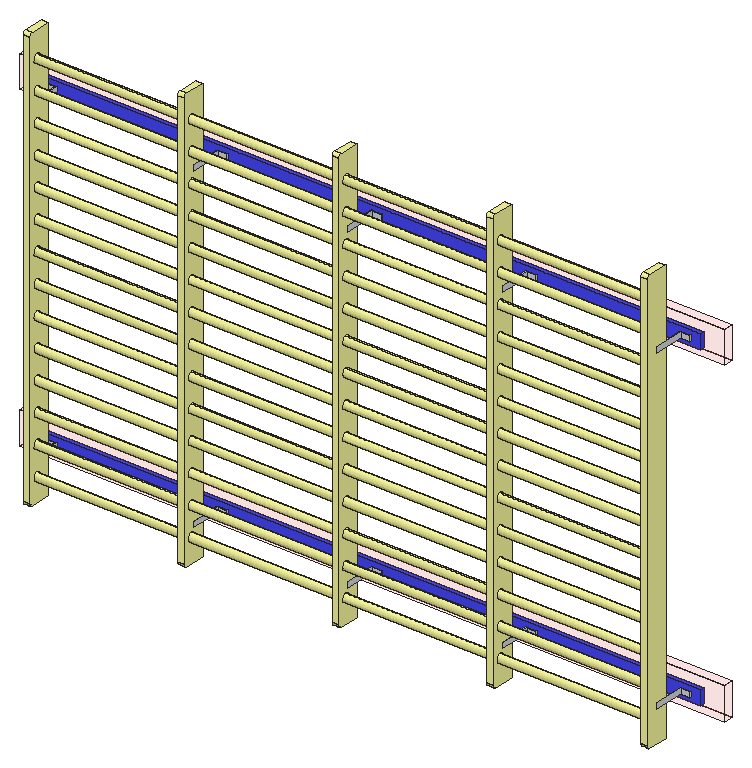
Revit family "Ribbstol Motion sammansatt", category Generic Models, Revit 2019
Family settings
  Can host rebar = No
  Round Connector Dimension = Use Diameter
  Part Type = Normal
  Work Plane-Based = No
  Always vertical = Yes
  Cut with Voids When Loaded = No
  Shared = No
  Room Calculation Point = No
Parameters (values of type "Saxi Ribbstol Motion 4-fack")
  langd_list = 93 mm + 782 mm * ANTAL_FACK  # 3221 mm
  langd_barande = 193 mm + 782 mm * ANTAL_FACK + 100 mm  # 3421 mm
  URL = "www.saxi.se"
  SYNLIG = yes
  Model = "Ribbstol Motion 4 fack"
  Manufacturer = "Saxi Vägg AB"
  ANTAL_FACK = 4
  1facksynlung = no
Types (11, lengths in mm): name | langd_list | langd_barande | SYNLIG | Model | ANTAL_FACK | 1facksynlung
  (no name) | 3221 | 3421 | yes | "Ribbstol Motion 4 fack" | 4 | no
  Saxi Ribbstol Motion 1-fack | 1657 | 1857 | no | "Ribbstol Motion 1 fack" | 2 | yes
  Saxi Ribbstol Motion 2-fack | 1657 | 1857 | yes | "Ribbstol Motion 2 fack" | 2 | no
  Saxi Ribbstol Motion 3-fack | 2439 | 2639 | yes | "Ribbstol Motion 3 fack" | 3 | no
  Saxi Ribbstol Motion 4-fack | 3221 | 3421 | yes | "Ribbstol Motion 4 fack" | 4 | no
  Saxi Ribbstol Motion 5-fack | 4003 | 4203 | yes | "Ribbstol Motion 5 fack" | 5 | no
  Saxi Ribbstol Motion 6-fack | 4785 | 4985 | yes | "Ribbstol Motion 6 fack" | 6 | no
  Saxi Ribbstol Motion 7-fack | 5567 | 5767 | yes | "Ribbstol Motion 7 fack" | 7 | no
  Saxi Ribbstol Motion 8-fack | 6349 | 6549 | yes | "Ribbstol Motion 8 fack" | 8 | no
  Saxi Ribbstol Motion 9-fack | 7131 | 7331 | yes | "Ribbstol Motion 9 fack" | 9 | no
  Saxi Ribbstol Motion 10-fack | 7913 | 8113 | yes | "Ribbstol Motion 10 fack" | 10 | no
Reference planes
  plane 1 "Center (Front/Back)": y = 0
  plane 2: z = 0
  plane 3 "Center (Left/Right)": x = 0
Dimensions and locks
  nested 1 to level = 180 mm
  equal spacing: group 1, group 2, group 3, group 4, group 5, group 6, group 7, group 8, group 9, group 10, group 11, group 12, group 71, group 72  (x3)
  nested 15 to plane 1 "Center (Front/Back)" = 170 mm
  nested 15 to level = 237.5 mm
  nested 16 to level = 1787.5 mm
  equal spacing: group 16, group 17, group 18, group 19, group 20, group 21, group 22, group 23, group 24, group 25, group 26, group 27, group 73, group 74  (x3)
  equal spacing: group 14, group 28, group 57, group 70  (x3)
  nested 33 to plane 3 "Center (Left/Right)" = 93 mm
  nested 35 to nested 34 = 100 mm
  nested 35 to level = 170 mm
  nested 36 to plane 2 = 1720 mm
  equal spacing: group 29, group 30, group 31, group 32, group 33, group 34, group 35, group 36, group 37, group 38, group 39, group 40, group 75, group 76  (x3)
  equal spacing: group 45, group 46, group 47, group 48, group 49, group 50, group 51, group 52, group 53, group 54, group 55, group 56, group 77, group 78  (x3)
  equal spacing: group 58, group 59, group 60, group 61, group 62, group 63, group 64, group 65, group 66, group 67, group 68, group 69, group 79, group 80  (x3)
  aligned and locked: level to plane 2
Nested families
  nested 1: "ribbstol_pinne" at (32, -185, 200) x (0, 1, 0) z (0, 0, 1), visible <- "SYNLIG", type "ribbstol_pinne"
  nested 2: "ribbstol_pinne" at (32, -185, 340) x (0, 1, 0) z (0, 0, 1), visible <- "SYNLIG", type "ribbstol_pinne"
  nested 3: "ribbstol_pinne" at (32, -185, 480) x (0, 1, 0) z (0, 0, 1), visible <- "SYNLIG", type "ribbstol_pinne"
  nested 4: "ribbstol_pinne" at (32, -185, 620) x (0, 1, 0) z (0, 0, 1), visible <- "SYNLIG", type "ribbstol_pinne"
  nested 5: "ribbstol_pinne" at (32, -185, 760) x (0, 1, 0) z (0, 0, 1), visible <- "SYNLIG", type "ribbstol_pinne"
  nested 6: "ribbstol_pinne" at (32, -185, 900) x (0, 1, 0) z (0, 0, 1), visible <- "SYNLIG", type "ribbstol_pinne"
  nested 7: "ribbstol_pinne" at (32, -185, 1040) x (0, 1, 0) z (0, 0, 1), visible <- "SYNLIG", type "ribbstol_pinne"
  nested 8: "ribbstol_pinne" at (32, -185, 1180) x (0, 1, 0) z (0, 0, 1), visible <- "SYNLIG", type "ribbstol_pinne"
  nested 9: "ribbstol_pinne" at (32, -185, 1320) x (0, 1, 0) z (0, 0, 1), visible <- "SYNLIG", type "ribbstol_pinne"
  nested 10: "ribbstol_pinne" at (32, -185, 1460) x (0, 1, 0) z (0, 0, 1), visible <- "SYNLIG", type "ribbstol_pinne"
  nested 11: "ribbstol_pinne" at (32, -185, 1600) x (0, 1, 0) z (0, 0, 1), visible <- "SYNLIG", type "ribbstol_pinne"
  nested 12: "ribbstol_pinne" at (32, -185, 1740) x (0, 1, 0) z (0, 0, 1), visible <- "SYNLIG", type "ribbstol_pinne"
  nested 13: "ribbstol_pinne" at (32, -75, 200) x (0, 1, 0) z (0, 0, 1), visible <- "SYNLIG", type "ribbstol_pinne", not visible
  nested 14: "ribbstol_vinkel" at (782, -20, 237.5), visible <- "SYNLIG", type "ribbstol_vinkel"
  nested 15: "ribbstol_vinkel" at (0, -20, 237.5) x (-1, 0, 0) z (0, 0, 1), type "ribbstol_vinkel"
  nested 16: "ribbstol_vinkel" at (0, -20, 1787.5) x (-1, 0, 0) z (0, 0, 1), type "ribbstol_vinkel"
  nested 17: "ribbstol_vinkel" at (782, -20, 1787.5), visible <- "SYNLIG", type "ribbstol_vinkel"
  nested 18: "ribbstol_large_stolpe" at (0, -110, 0), visible <- "SYNLIG", type "ribbstol_large_stolpe", not visible
  nested 19: "ribbstol_pinne" at (782, -185, 200) x (0, 1, 0) z (0, 0, 1), visible <- "SYNLIG", type "ribbstol_pinne"
  nested 20: "ribbstol_pinne" at (782, -185, 340) x (0, 1, 0) z (0, 0, 1), visible <- "SYNLIG", type "ribbstol_pinne"
  nested 21: "ribbstol_pinne" at (782, -185, 480) x (0, 1, 0) z (0, 0, 1), visible <- "SYNLIG", type "ribbstol_pinne"
  nested 22: "ribbstol_pinne" at (782, -185, 620) x (0, 1, 0) z (0, 0, 1), visible <- "SYNLIG", type "ribbstol_pinne"
  nested 23: "ribbstol_pinne" at (782, -185, 760) x (0, 1, 0) z (0, 0, 1), visible <- "SYNLIG", type "ribbstol_pinne"
  nested 24: "ribbstol_pinne" at (782, -185, 900) x (0, 1, 0) z (0, 0, 1), visible <- "SYNLIG", type "ribbstol_pinne"
  nested 25: "ribbstol_pinne" at (782, -185, 1040) x (0, 1, 0) z (0, 0, 1), visible <- "SYNLIG", type "ribbstol_pinne"
  nested 26: "ribbstol_pinne" at (782, -185, 1180) x (0, 1, 0) z (0, 0, 1), visible <- "SYNLIG", type "ribbstol_pinne"
  nested 27: "ribbstol_pinne" at (782, -185, 1320) x (0, 1, 0) z (0, 0, 1), visible <- "SYNLIG", type "ribbstol_pinne"
  nested 28: "ribbstol_pinne" at (782, -185, 1460) x (0, 1, 0) z (0, 0, 1), visible <- "SYNLIG", type "ribbstol_pinne"
  nested 29: "ribbstol_pinne" at (782, -185, 1600) x (0, 1, 0) z (0, 0, 1), visible <- "SYNLIG", type "ribbstol_pinne"
  nested 30: "ribbstol_pinne" at (782, -185, 1740) x (0, 1, 0) z (0, 0, 1), visible <- "SYNLIG", type "ribbstol_pinne"
  nested 31: "ribbstol_vinkel" at (1532, -20, 237.5), visible <- "SYNLIG", type "ribbstol_vinkel"
  nested 32: "ribbstol_vinkel" at (1532, -20, 1787.5), visible <- "SYNLIG", type "ribbstol_vinkel"
  nested 33: "ribbstol_list" at (-93, 0, 215), visible <- "SYNLIG", type "ribbstol_list"
    with langd 3221 mm
  nested 34: "ribbstol_list" at (-93, 0, 1766.25), visible <- "SYNLIG", type "ribbstol_list"
    with langd 3221 mm
  nested 35: "ribbstol_barande" at (-193, 50, 170), visible <- "SYNLIG", type "ribbstol_barande"
    with langd 3421 mm
  nested 36: "ribbstol_barande" at (-193, 50, 1720), visible <- "SYNLIG", type "ribbstol_barande"
    with langd 3421 mm
  nested 37: "ribbstol_pinne" at (32, -185, 200) x (0, 1, 0) z (0, 0, 1), visible <- "1facksynlung", type "ribbstol_pinne"
  nested 38: "ribbstol_pinne" at (32, -185, 340) x (0, 1, 0) z (0, 0, 1), visible <- "1facksynlung", type "ribbstol_pinne"
  nested 39: "ribbstol_pinne" at (32, -185, 480) x (0, 1, 0) z (0, 0, 1), visible <- "1facksynlung", type "ribbstol_pinne"
  nested 40: "ribbstol_pinne" at (32, -185, 620) x (0, 1, 0) z (0, 0, 1), visible <- "1facksynlung", type "ribbstol_pinne"
  nested 41: "ribbstol_pinne" at (32, -185, 760) x (0, 1, 0) z (0, 0, 1), visible <- "1facksynlung", type "ribbstol_pinne"
  nested 42: "ribbstol_pinne" at (32, -185, 900) x (0, 1, 0) z (0, 0, 1), visible <- "1facksynlung", type "ribbstol_pinne"
  nested 43: "ribbstol_pinne" at (32, -185, 1040) x (0, 1, 0) z (0, 0, 1), visible <- "1facksynlung", type "ribbstol_pinne"
  nested 44: "ribbstol_pinne" at (32, -185, 1180) x (0, 1, 0) z (0, 0, 1), visible <- "1facksynlung", type "ribbstol_pinne"
  nested 45: "ribbstol_pinne" at (32, -185, 1320) x (0, 1, 0) z (0, 0, 1), visible <- "1facksynlung", type "ribbstol_pinne"
  nested 46: "ribbstol_pinne" at (32, -185, 1460) x (0, 1, 0) z (0, 0, 1), visible <- "1facksynlung", type "ribbstol_pinne"
  nested 47: "ribbstol_pinne" at (32, -185, 1600) x (0, 1, 0) z (0, 0, 1), visible <- "1facksynlung", type "ribbstol_pinne"
  nested 48: "ribbstol_pinne" at (32, -185, 1740) x (0, 1, 0) z (0, 0, 1), visible <- "1facksynlung", type "ribbstol_pinne"
  nested 49: "ribbstol_vinkel" at (782, -20, 237.5), visible <- "1facksynlung", type "ribbstol_vinkel"
  nested 50: "ribbstol_vinkel" at (782, -20, 1787.5), visible <- "1facksynlung", type "ribbstol_vinkel"
  nested 51: "ribbstol_pinne" at (32, -185, 200) x (0, 1, 0) z (0, 0, 1), visible <- "SYNLIG", type "ribbstol_pinne", not visible
  nested 52: "ribbstol_pinne" at (32, -185, 340) x (0, 1, 0) z (0, 0, 1), visible <- "SYNLIG", type "ribbstol_pinne", not visible
  nested 53: "ribbstol_pinne" at (32, -185, 480) x (0, 1, 0) z (0, 0, 1), visible <- "SYNLIG", type "ribbstol_pinne", not visible
  nested 54: "ribbstol_pinne" at (32, -185, 620) x (0, 1, 0) z (0, 0, 1), visible <- "SYNLIG", type "ribbstol_pinne", not visible
  nested 55: "ribbstol_pinne" at (32, -185, 760) x (0, 1, 0) z (0, 0, 1), visible <- "SYNLIG", type "ribbstol_pinne", not visible
  nested 56: "ribbstol_pinne" at (32, -185, 900) x (0, 1, 0) z (0, 0, 1), visible <- "SYNLIG", type "ribbstol_pinne", not visible
  nested 57: "ribbstol_pinne" at (32, -185, 1040) x (0, 1, 0) z (0, 0, 1), visible <- "SYNLIG", type "ribbstol_pinne", not visible
  nested 58: "ribbstol_pinne" at (32, -185, 1180) x (0, 1, 0) z (0, 0, 1), visible <- "SYNLIG", type "ribbstol_pinne", not visible
  nested 59: "ribbstol_pinne" at (32, -185, 1320) x (0, 1, 0) z (0, 0, 1), visible <- "SYNLIG", type "ribbstol_pinne", not visible
  nested 60: "ribbstol_pinne" at (32, -185, 1460) x (0, 1, 0) z (0, 0, 1), visible <- "SYNLIG", type "ribbstol_pinne", not visible
  nested 61: "ribbstol_pinne" at (32, -185, 1600) x (0, 1, 0) z (0, 0, 1), visible <- "SYNLIG", type "ribbstol_pinne", not visible
  nested 62: "ribbstol_pinne" at (32, -185, 1740) x (0, 1, 0) z (0, 0, 1), visible <- "SYNLIG", type "ribbstol_pinne", not visible
  nested 63: "ribbstol_vinkel" at (782, -20, 237.5), visible <- "SYNLIG", type "ribbstol_vinkel", not visible
  nested 64: "ribbstol_vinkel" at (782, -20, 1787.5), visible <- "SYNLIG", type "ribbstol_vinkel", not visible
  nested 65: "ribbstol_list" at (-93, 0, 1766.25), visible <- "1facksynlung", type "ribbstol_list 1"
    with langd 950 mm
  nested 66: "ribbstol_list" at (-93, 0, 215), visible <- "1facksynlung", type "ribbstol_list 1"
    with langd 950 mm
  nested 67: "ribbstol_barande" at (-193, 50, 1720), visible <- "1facksynlung", type "ribbstol_barande 1"
    with langd 1150 mm
  nested 68: "ribbstol_barande" at (-193, 50, 170), visible <- "1facksynlung", type "ribbstol_barande 1"
    with langd 1150 mm
  nested 69: "ribbstol_large_stolpe" at (0, 1110, 0), visible <- "1facksynlung", type "ribbstol_large_stolpe", not visible
  nested 70: "ribbstol_large_stolpe" at (750, 1110, 0), visible <- "1facksynlung", type "ribbstol_large_stolpe", not visible
  nested 71: "ribbstol_pinne" at (32, 1035, 200) x (0, 1, 0) z (0, 0, 1), visible <- "1facksynlung", type "ribbstol_pinne", not visible
  nested 72: "ribbstol_pinne" at (32, 1035, 340) x (0, 1, 0) z (0, 0, 1), visible <- "1facksynlung", type "ribbstol_pinne", not visible
  nested 73: "ribbstol_pinne" at (32, 1035, 480) x (0, 1, 0) z (0, 0, 1), visible <- "1facksynlung", type "ribbstol_pinne", not visible
  nested 74: "ribbstol_pinne" at (32, 1035, 620) x (0, 1, 0) z (0, 0, 1), visible <- "1facksynlung", type "ribbstol_pinne", not visible
  nested 75: "ribbstol_pinne" at (32, 1035, 760) x (0, 1, 0) z (0, 0, 1), visible <- "1facksynlung", type "ribbstol_pinne", not visible
  nested 76: "ribbstol_pinne" at (32, 1035, 900) x (0, 1, 0) z (0, 0, 1), visible <- "1facksynlung", type "ribbstol_pinne", not visible
  nested 77: "ribbstol_pinne" at (32, 1035, 1040) x (0, 1, 0) z (0, 0, 1), visible <- "1facksynlung", type "ribbstol_pinne", not visible
  nested 78: "ribbstol_pinne" at (32, 1035, 1180) x (0, 1, 0) z (0, 0, 1), visible <- "1facksynlung", type "ribbstol_pinne", not visible
  nested 79: "ribbstol_pinne" at (32, 1035, 1320) x (0, 1, 0) z (0, 0, 1), visible <- "1facksynlung", type "ribbstol_pinne", not visible
  nested 80: "ribbstol_pinne" at (32, 1035, 1460) x (0, 1, 0) z (0, 0, 1), visible <- "1facksynlung", type "ribbstol_pinne", not visible
  nested 81: "ribbstol_pinne" at (32, 1035, 1600) x (0, 1, 0) z (0, 0, 1), visible <- "1facksynlung", type "ribbstol_pinne", not visible
  nested 82: "ribbstol_pinne" at (32, 1035, 1740) x (0, 1, 0) z (0, 0, 1), visible <- "1facksynlung", type "ribbstol_pinne", not visible
  nested 83: "ribbstol_pinne" at (32, 1035, 1880) x (0, 1, 0) z (0, 0, 1), visible <- "1facksynlung", type "ribbstol_pinne", not visible
  nested 84: "ribbstol_pinne" at (32, 1035, 2020) x (0, 1, 0) z (0, 0, 1), visible <- "1facksynlung", type "ribbstol_pinne", not visible
  nested 85: "ribbstol_pinne" at (32, 1035, 2580) x (0, 1, 0) z (0, 0, 1), visible <- "1facksynlung", type "ribbstol_pinne", not visible
  nested 86: "ribbstol_pinne" at (32, 1035, 2440) x (0, 1, 0) z (0, 0, 1), visible <- "1facksynlung", type "ribbstol_pinne", not visible
  nested 87: "ribbstol_vinkel" at (782, 1200, 237.5), visible <- "1facksynlung", type "ribbstol_vinkel", not visible
  nested 88: "ribbstol_vinkel" at (782, 1200, 2267.5), visible <- "1facksynlung", type "ribbstol_vinkel", not visible
  nested 89: "ribbstol_list" at (-93, 1220, 0), type "ribbstol_list 1", not visible
    with langd 950 mm
  nested 90: "ribbstol_barande" at (-193, 1270, 0), type "ribbstol_barande 1", not visible
    with langd 1150 mm
  nested 91: "ribbstol_pinne" at (32, 935, 200) x (0, 1, 0) z (0, 0, 1), visible <- "1facksynlung", type "ribbstol_pinne", not visible
  nested 92: "ribbstol_pinne" at (32, 935, 340) x (0, 1, 0) z (0, 0, 1), visible <- "1facksynlung", type "ribbstol_pinne", not visible
  nested 93: "ribbstol_pinne" at (32, 935, 480) x (0, 1, 0) z (0, 0, 1), visible <- "1facksynlung", type "ribbstol_pinne", not visible
  nested 94: "ribbstol_pinne" at (32, 935, 620) x (0, 1, 0) z (0, 0, 1), visible <- "1facksynlung", type "ribbstol_pinne", not visible
  nested 95: "ribbstol_pinne" at (32, 935, 760) x (0, 1, 0) z (0, 0, 1), visible <- "1facksynlung", type "ribbstol_pinne", not visible
  nested 96: "ribbstol_pinne" at (32, 935, 900) x (0, 1, 0) z (0, 0, 1), visible <- "1facksynlung", type "ribbstol_pinne", not visible
  nested 97: "ribbstol_pinne" at (32, 935, 1040) x (0, 1, 0) z (0, 0, 1), visible <- "1facksynlung", type "ribbstol_pinne", not visible
  nested 98: "ribbstol_pinne" at (32, 935, 1180) x (0, 1, 0) z (0, 0, 1), visible <- "1facksynlung", type "ribbstol_pinne", not visible
  nested 99: "ribbstol_pinne" at (32, 935, 1320) x (0, 1, 0) z (0, 0, 1), visible <- "1facksynlung", type "ribbstol_pinne", not visible
  nested 100: "ribbstol_pinne" at (32, 935, 1460) x (0, 1, 0) z (0, 0, 1), visible <- "1facksynlung", type "ribbstol_pinne", not visible
  nested 101: "ribbstol_pinne" at (32, 935, 1600) x (0, 1, 0) z (0, 0, 1), visible <- "1facksynlung", type "ribbstol_pinne", not visible
  nested 102: "ribbstol_pinne" at (32, 935, 1740) x (0, 1, 0) z (0, 0, 1), visible <- "1facksynlung", type "ribbstol_pinne", not visible
  nested 103: "ribbstol_vinkel" at (782, 1100, 237.5), visible <- "1facksynlung", type "ribbstol_vinkel", not visible
  nested 104: "ribbstol_vinkel" at (782, 1100, 1787.5), visible <- "1facksynlung", type "ribbstol_vinkel", not visible
  nested 105: "ribbstol_list" at (-93, 1120, 1766.25), visible <- "1facksynlung", type "ribbstol_list 1", not visible
    with langd 950 mm
  nested 106: "ribbstol_list" at (-93, 1120, 215), visible <- "1facksynlung", type "ribbstol_list 1", not visible
    with langd 950 mm
  nested 107: "ribbstol_barande" at (-193, 1170, 1720), visible <- "1facksynlung", type "ribbstol_barande 1", not visible
    with langd 1150 mm
  nested 108: "ribbstol_barande" at (-193, 1170, 170), visible <- "1facksynlung", type "ribbstol_barande 1", not visible
    with langd 1150 mm
  nested 109: "ribbstol_pinne" at (1532, -185, 200) x (0, 1, 0) z (0, 0, 1), visible <- "SYNLIG", type "ribbstol_pinne"
  nested 110: "ribbstol_pinne" at (1532, -185, 340) x (0, 1, 0) z (0, 0, 1), visible <- "SYNLIG", type "ribbstol_pinne"
  nested 111: "ribbstol_pinne" at (1532, -185, 480) x (0, 1, 0) z (0, 0, 1), visible <- "SYNLIG", type "ribbstol_pinne"
  nested 112: "ribbstol_pinne" at (1532, -185, 620) x (0, 1, 0) z (0, 0, 1), visible <- "SYNLIG", type "ribbstol_pinne"
  nested 113: "ribbstol_pinne" at (1532, -185, 760) x (0, 1, 0) z (0, 0, 1), visible <- "SYNLIG", type "ribbstol_pinne"
  nested 114: "ribbstol_pinne" at (1532, -185, 900) x (0, 1, 0) z (0, 0, 1), visible <- "SYNLIG", type "ribbstol_pinne"
  nested 115: "ribbstol_pinne" at (1532, -185, 1040) x (0, 1, 0) z (0, 0, 1), visible <- "SYNLIG", type "ribbstol_pinne"
  nested 116: "ribbstol_pinne" at (1532, -185, 1180) x (0, 1, 0) z (0, 0, 1), visible <- "SYNLIG", type "ribbstol_pinne"
  nested 117: "ribbstol_pinne" at (1532, -185, 1320) x (0, 1, 0) z (0, 0, 1), visible <- "SYNLIG", type "ribbstol_pinne"
  nested 118: "ribbstol_pinne" at (1532, -185, 1460) x (0, 1, 0) z (0, 0, 1), visible <- "SYNLIG", type "ribbstol_pinne"
  nested 119: "ribbstol_pinne" at (1532, -185, 1600) x (0, 1, 0) z (0, 0, 1), visible <- "SYNLIG", type "ribbstol_pinne"
  nested 120: "ribbstol_pinne" at (1532, -185, 1740) x (0, 1, 0) z (0, 0, 1), visible <- "SYNLIG", type "ribbstol_pinne"
  nested 121: "ribbstol_vinkel" at (2282, -20, 237.5), visible <- "SYNLIG", type "ribbstol_vinkel"
  nested 122: "ribbstol_vinkel" at (2282, -20, 1787.5), visible <- "SYNLIG", type "ribbstol_vinkel"
  nested 123: "ribbstol_pinne" at (2282, -185, 200) x (0, 1, 0) z (0, 0, 1), visible <- "SYNLIG", type "ribbstol_pinne"
  nested 124: "ribbstol_pinne" at (2282, -185, 340) x (0, 1, 0) z (0, 0, 1), visible <- "SYNLIG", type "ribbstol_pinne"
  nested 125: "ribbstol_pinne" at (2282, -185, 480) x (0, 1, 0) z (0, 0, 1), visible <- "SYNLIG", type "ribbstol_pinne"
  nested 126: "ribbstol_pinne" at (2282, -185, 620) x (0, 1, 0) z (0, 0, 1), visible <- "SYNLIG", type "ribbstol_pinne"
  nested 127: "ribbstol_pinne" at (2282, -185, 760) x (0, 1, 0) z (0, 0, 1), visible <- "SYNLIG", type "ribbstol_pinne"
  nested 128: "ribbstol_pinne" at (2282, -185, 900) x (0, 1, 0) z (0, 0, 1), visible <- "SYNLIG", type "ribbstol_pinne"
  nested 129: "ribbstol_pinne" at (2282, -185, 1040) x (0, 1, 0) z (0, 0, 1), visible <- "SYNLIG", type "ribbstol_pinne"
  nested 130: "ribbstol_pinne" at (2282, -185, 1180) x (0, 1, 0) z (0, 0, 1), visible <- "SYNLIG", type "ribbstol_pinne"
  nested 131: "ribbstol_pinne" at (2282, -185, 1320) x (0, 1, 0) z (0, 0, 1), visible <- "SYNLIG", type "ribbstol_pinne"
  nested 132: "ribbstol_pinne" at (2282, -185, 1460) x (0, 1, 0) z (0, 0, 1), visible <- "SYNLIG", type "ribbstol_pinne"
  nested 133: "ribbstol_pinne" at (2282, -185, 1600) x (0, 1, 0) z (0, 0, 1), visible <- "SYNLIG", type "ribbstol_pinne"
  nested 134: "ribbstol_pinne" at (2282, -185, 1740) x (0, 1, 0) z (0, 0, 1), visible <- "SYNLIG", type "ribbstol_pinne"
  nested 135: "ribbstol_vinkel" at (3032, -20, 237.5), visible <- "SYNLIG", type "ribbstol_vinkel"
  nested 136: "ribbstol_vinkel" at (3032, -20, 1787.5), visible <- "SYNLIG", type "ribbstol_vinkel"
  nested 137: "ribbstol_ling_stolpe" at (0, -110, 0), visible <- "SYNLIG", type "ribbstol_ling_stolpe"
  nested 138: "ribbstol_ling_stolpe" at (750, -110, 0), visible <- "SYNLIG", type "ribbstol_ling_stolpe"
  nested 139: "ribbstol_ling_stolpe" at (1500, -110, 0), visible <- "SYNLIG", type "ribbstol_ling_stolpe"
  nested 140: "ribbstol_ling_stolpe" at (750, -110, 0), visible <- "SYNLIG", type "ribbstol_ling_stolpe", not visible
  nested 141: "ribbstol_ling_stolpe" at (2250, -110, 0), visible <- "SYNLIG", type "ribbstol_ling_stolpe"
  nested 142: "ribbstol_ling_stolpe" at (3000, -110, 0), visible <- "SYNLIG", type "ribbstol_ling_stolpe"
  nested 143: "ribbstol_pinne" at (32, -185, 1880) x (0, 1, 0) z (0, 0, 1), visible <- "SYNLIG", type "ribbstol_pinne"
  nested 144: "ribbstol_pinne" at (32, -185, 2020) x (0, 1, 0) z (0, 0, 1), visible <- "SYNLIG", type "ribbstol_pinne"
  nested 145: "ribbstol_pinne" at (782, -185, 1880) x (0, 1, 0) z (0, 0, 1), visible <- "SYNLIG", type "ribbstol_pinne"
  nested 146: "ribbstol_pinne" at (782, -185, 2020) x (0, 1, 0) z (0, 0, 1), visible <- "SYNLIG", type "ribbstol_pinne"
  nested 147: "ribbstol_pinne" at (32, -185, 1880) x (0, 1, 0) z (0, 0, 1), visible <- "SYNLIG", type "ribbstol_pinne", not visible
  nested 148: "ribbstol_pinne" at (32, -185, 2020) x (0, 1, 0) z (0, 0, 1), visible <- "SYNLIG", type "ribbstol_pinne", not visible
  nested 149: "ribbstol_pinne" at (1532, -185, 1880) x (0, 1, 0) z (0, 0, 1), visible <- "SYNLIG", type "ribbstol_pinne"
  nested 150: "ribbstol_pinne" at (1532, -185, 2020) x (0, 1, 0) z (0, 0, 1), visible <- "SYNLIG", type "ribbstol_pinne"
  nested 151: "ribbstol_pinne" at (2282, -185, 1880) x (0, 1, 0) z (0, 0, 1), visible <- "SYNLIG", type "ribbstol_pinne"
  nested 152: "ribbstol_pinne" at (2282, -185, 2020) x (0, 1, 0) z (0, 0, 1), visible <- "SYNLIG", type "ribbstol_pinne"
  nested 153: "ribbstol_ling_stolpe" at (0, -110, 0), visible <- "1facksynlung", type "ribbstol_ling_stolpe"
  nested 154: "ribbstol_ling_stolpe" at (750, -110, 0), visible <- "1facksynlung", type "ribbstol_ling_stolpe"
  nested 155: "ribbstol_pinne" at (32, -185, 1880) x (0, 1, 0) z (0, 0, 1), visible <- "1facksynlung", type "ribbstol_pinne"
  nested 156: "ribbstol_pinne" at (32, -185, 2020) x (0, 1, 0) z (0, 0, 1), visible <- "1facksynlung", type "ribbstol_pinne"
  nested 157: "ribbstol_ling_stolpe" at (0, 1010, 0), visible <- "1facksynlung", type "ribbstol_ling_stolpe", not visible
  nested 158: "ribbstol_ling_stolpe" at (750, 1010, 0), visible <- "1facksynlung", type "ribbstol_ling_stolpe", not visible
  nested 159: "ribbstol_pinne" at (32, 935, 1880) x (0, 1, 0) z (0, 0, 1), visible <- "1facksynlung", type "ribbstol_pinne", not visible
  nested 160: "ribbstol_pinne" at (32, 935, 2020) x (0, 1, 0) z (0, 0, 1), visible <- "1facksynlung", type "ribbstol_pinne", not visible
Definition of nested family "ribbstol_pinne"
  Reference planes
    plane 1 "Center (Front/Back)": y = 0
    plane 2: z = 0
    plane 3 "Center (Left/Right)": x = 0
  Forms (mm)
    Extrusion 1, solid
      sketch origin (0, 0, 0) x (1, 0, 0) y (0, 0, 1)
        loop
          spline (0, 20) -> (-3.882, 19.319) -> (-7.5, 17.321) -> (-10.607, 14.142) -> (-12.99, 10) -> (-14.489, 5.176) -> (-15, 0) -> (-14.489, -5.176) -> (-12.99, -10) -> (-10.607, -14.142) -> (-7.5, -17.321) -> (-3.882, -19.319) -> (0, -20)
          spline (0, -20) -> (3.882, -19.319) -> (7.5, -17.321) -> (10.607, -14.142) -> (12.99, -10) -> (14.489, -5.176) -> (15, 0) -> (14.489, 5.176) -> (12.99, 10) -> (10.607, 14.142) -> (7.5, 17.321) -> (3.882, 19.319) -> (0, 20)
      from 0 to 718
  Dimensions and locks
    aligned and locked: level to plane 2
Definition of nested family "ribbstol_vinkel"
  Reference planes
    plane 1 "Center (Front/Back)": y = 0
    plane 2: z = 0
    plane 3 "Center (Left/Right)": x = 0
  Forms (mm)
    Extrusion 1, solid
      sketch origin (0, 0, 0) x (1, 0, 0) y (0, 1, 0)
        loop
          line (0, 0) -> (0, -150) -> (5, -150) -> (5, -5) -> (50, -5) -> (50, 0) -> (0, 0)
      from 0 to 25
  Dimensions and locks
    aligned and locked: level to plane 2
Definition of nested family "ribbstol_large_stolpe"
  Reference planes
    plane 1 "Center (Front/Back)": y = 0
    plane 2: z = 0
    plane 3 "Center (Left/Right)": x = 0
  Forms (mm)
    Extrusion 1, solid
      sketch origin (0, 0, 0) x (0, 1, 0) y (0, 0, 1)
        loop
          line (0, 80) -> (0, 2700) -> (-95, 2700)
          arc (-95, 2700) -> (-105.607, 2695.607) -> (-110, 2685) r 15
          line (-110, 2685) -> (-110, 95)
          arc (-110, 95) -> (-105.607, 84.393) -> (-95, 80) r 15
          line (-95, 80) -> (0, 80)
      from 0 to 32
  Dimensions and locks
    level to Extrusion 1 sketch curve = 80 mm
    locked: Extrusion 1 sketch curve to Extrusion 1 sketch curve at 2620
    aligned and locked: level to plane 2
Definition of nested family "ribbstol_list"
  Parameters (values of type "ribbstol_list")
    langd = 150 mm
  Reference planes
    plane 1 "Center (Front/Back)": y = 0
    plane 2: z = 0
    plane 3 "Center (Left/Right)": x = 0
  Forms (mm)
    Extrusion 1, solid
      sketch origin (0, 0, 0) x (0, 1, 0) y (0, 0, 1)
        loop
          line (0, 0) -> (0, 70) -> (-20, 70) -> (-20, 0) -> (0, 0)
      from 0 to 150 <- "langd"
  Dimensions and locks
    aligned and locked: level to plane 2
Definition of nested family "ribbstol_barande"
  Parameters (values of type "ribbstol_barande")
    langd = 150 mm
  Reference planes
    plane 1 "Center (Front/Back)": y = 0
    plane 2: z = 0
    plane 3 "Center (Left/Right)": x = 0
  Forms (mm)
    Extrusion 1, solid
      sketch origin (0, 0, 0) x (0, 1, 0) y (0, 0, 1)
        loop
          line (0, 0) -> (0, 160) -> (-50, 160) -> (-50, 0) -> (0, 0)
      from 0 to 150 <- "langd"
  Dimensions and locks
    aligned and locked: level to plane 2
Definition of nested family "ribbstol_ling_stolpe"
  Reference planes
    plane 1 "Center (Front/Back)": y = 0
    plane 2: z = 0
    plane 3 "Center (Left/Right)": x = 0
  Forms (mm)
    Extrusion 1, solid
      sketch origin (0, 0, 0) x (0, 1, 0) y (0, 0, 1)
        loop
          line (0, 80) -> (0, 2140) -> (-95, 2140)
          arc (-95, 2140) -> (-105.607, 2135.607) -> (-110, 2125) r 15
          line (-110, 2125) -> (-110, 95)
          arc (-110, 95) -> (-105.607, 84.393) -> (-95, 80) r 15
          line (-95, 80) -> (0, 80)
      from 0 to 32
  Dimensions and locks
    level to Extrusion 1 sketch curve = 80 mm
    Extrusion 1 sketch curve to Extrusion 1 sketch curve = 2060 mm
    aligned and locked: level to plane 2
